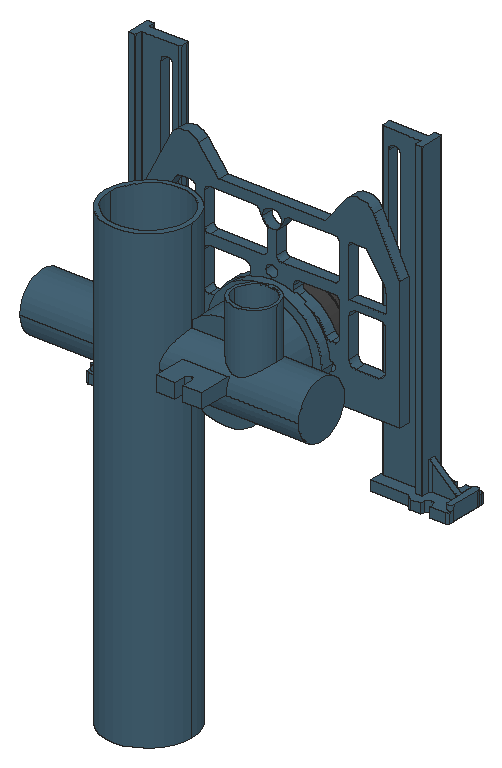
Revit family "Fixture_Support-Water_Closet_Offset_Vertical_Narrow_Wall-Zurn-ZN1209", category Plumbing Fixtures, Revit 2022 (continued)
Automatic sketch dimensions
  Extrusion 11 sketch curve to plane 133 "Offset L plane" = 0.000"
  plane 59 to Extrusion 11 sketch curve = 0.000"
  Extrusion 11 sketch curve to plane 45 "Horizontal Mid Plane" = 0.000"  (x2)
  plane 100 to Extrusion 11 sketch curve = 0.000"
  Extrusion 11 sketch curve to plane 3 "Center (Left/Right)" = 0.000"
  Extrusion 11 sketch curve to plane 61 = 0.000"
  Extrusion 11 sketch curve to plane 60 = 0.000"
  Extrusion 11 sketch curve to plane 126 "Offset R Plane" = 0.000"
  Extrusion 11 sketch curve to plane 133 "Offset L plane" = 0.00815"
  Extrusion 11 sketch curve to Extrusion 11 sketch curve = 0.21393"  (x2)
  Extrusion 11 sketch curve to plane 79 = 0.09928"  (x3)
  Extrusion 11 sketch curve to plane 38 = 0.15364"
  Extrusion 11 sketch curve to plane 38 = 0.12358"
  plane 38 to Extrusion 11 sketch curve = 0.1875"
  plane 38 to Extrusion 11 sketch curve = 0.23912"
  Extrusion 11 sketch curve to plane 128 "New Plane 2" = 0.05609"
  plane 41 to Extrusion 11 sketch curve = 0.31947"
  plane 41 to Extrusion 11 sketch curve = 0.35183"
  Extrusion 11 sketch curve to plane 37 = 0.20275"  (x2)
  plane 41 to Extrusion 11 sketch curve = 0.47394"
  Extrusion 11 sketch curve to Extrusion 11 sketch curve = 0.22317"
  Extrusion 11 sketch curve to Extrusion 11 sketch curve = 0.32788"
  Extrusion 11 sketch curve to Extrusion 11 sketch curve = 0.22606"
  Extrusion 11 sketch curve to Extrusion 11 sketch curve = 0.20795"  (x2)
  Extrusion 11 sketch curve to Extrusion 11 sketch curve = 0.250"  (x3)
  Extrusion 11 sketch curve to plane 75 = 0.05506"  (x2)
  plane 59 to Extrusion 11 sketch curve = 0.250"
  plane 118 to Extrusion 11 sketch curve = 0.07124"
  plane 118 to Extrusion 11 sketch curve = 0.06674"
  plane 118 to Extrusion 11 sketch curve = 0.0625"
  Extrusion 11 sketch curve to plane 64 = 0.02186"
  Extrusion 11 sketch curve to plane 64 = 0.04728"
  Extrusion 11 sketch curve to plane 64 = 0.05506"
  plane 98 to Extrusion 11 sketch curve = 0.07027"
  plane 98 to Extrusion 11 sketch curve = 0.26118"
  plane 88 to Extrusion 11 sketch curve = 0.22766"  (x2)
  plane 98 to Extrusion 11 sketch curve = 0.47542"
  plane 71 to Extrusion 11 sketch curve = 0.13244"
  plane 58 to Extrusion 11 sketch curve = 0.00744"  (x2)
  Extrusion 11 sketch curve to plane 3 "Center (Left/Right)" = 0.37007"
  plane 3 "Center (Left/Right)" to Extrusion 11 sketch curve = 0.250"
  plane 3 "Center (Left/Right)" to Extrusion 11 sketch curve = 0.37007"
  Extrusion 11 sketch curve to plane 97 = 0.47542"
  Extrusion 11 sketch curve to plane 97 = 0.26118"
  Extrusion 11 sketch curve to plane 97 = 0.07027"
  Extrusion 11 sketch curve to plane 66 = 0.05506"
  Extrusion 11 sketch curve to plane 66 = 0.04728"
  Extrusion 11 sketch curve to plane 66 = 0.02186"
  plane 61 to Extrusion 11 sketch curve = 0.00424"
  plane 61 to Extrusion 11 sketch curve = 0.00874"
  plane 61 to Extrusion 11 sketch curve = 0.1875"  (x3)
  plane 126 "Offset R Plane" to Extrusion 11 sketch curve = 0.00815"
  Extrusion 11 sketch curve to plane 39 = 0.15364"
  Extrusion 11 sketch curve to plane 39 = 0.12358"
  plane 39 to Extrusion 11 sketch curve = 0.1875"
  plane 39 to Extrusion 11 sketch curve = 0.23912"
  Extrusion 11 sketch curve to plane 58 = 0.10661"
  Extrusion 11 sketch curve to Extrusion 11 sketch curve = 0.20479"
  Extrusion 11 sketch curve to plane 42 = 0.31947"
  Extrusion 11 sketch curve to plane 42 = 0.35183"
  Extrusion 11 sketch curve to plane 79 = 0.07726"  (x2)
  plane 77 to Extrusion 11 sketch curve = 0.16644"  (x2)
  Extrusion 11 sketch curve to Extrusion 11 sketch curve = 0.08468"  (x2)
  plane 95 "X Plane" to Extrusion 11 sketch curve = 0.38173"
  Extrusion 11 sketch curve to Extrusion 11 sketch curve = 1.03562"  (x2)
  Extrusion 11 sketch curve to Extrusion 11 sketch curve = 0.17437"  (x2)
  Extrusion 11 sketch curve to Extrusion 11 sketch curve = 0.20966"  (x2)
  Extrusion 11 sketch curve to Extrusion 11 sketch curve = 0.375"  (x2)
  Extrusion 11 sketch curve to plane 75 = 0.625"
  plane 71 to Extrusion 11 sketch curve = 0.20528"
  plane 37 to Extrusion 11 sketch curve = 0.17759"  (x2)
  Extrusion 11 sketch curve to Extrusion 11 sketch curve = 0.31937"  (x2)
  Extrusion 11 sketch curve to plane 66 = 0.23153"
  Extrusion 14 sketch curve to plane 3 "Center (Left/Right)" = 0.21046"
  curve 1 to plane 98 = 0.000"
  curve 1 to plane 97 = 0.000"
  plane 89 "N Plane for N42" to Masking region 2 sketch curve = 0.03125"
  plane 120 to Masking region 2 sketch curve = 0.28075"
  Masking region 1 sketch curve to plane 128 "New Plane 2" = 0.000"
  Masking region 1 sketch curve to plane 118 = 0.000"
  Masking region 1 sketch curve to plane 3 "Center (Left/Right)" = 0.000"
  plane 117 to Masking region 1 sketch curve = 0.09708"
  plane 114 to Masking region 1 sketch curve = 0.0441"
  Masking region 1 sketch curve to plane 3 "Center (Left/Right)" = 0.21046"
  plane 115 to Masking region 1 sketch curve = 0.03215"
  Masking region 1 sketch curve to plane 44 = 0.10176"
  Masking region 1 sketch curve to plane 74 = 0.27847"
  plane 39 to Masking region 1 sketch curve = 0.500"
  Masking region 1 sketch curve to plane 84 "N Plane for N32" = 0.18399"
  plane 84 "N Plane for N32" to Masking region 1 sketch curve = 0.21364"
  plane 89 "N Plane for N42" to Masking region 1 sketch curve = 0.03125"
  Masking region 1 sketch curve to plane 73 = 0.09259"  (x2)
  Masking region 3 sketch curve to plane 127 "New Plane 1" = 0.000"
  Masking region 3 sketch curve to plane 126 "Offset R Plane" = 0.000"
  plane 89 "N Plane for N42" to Masking region 3 sketch curve = 0.03144"
  Masking region 3 sketch curve to plane 42 = 0.46715"
  plane 120 to Masking region 3 sketch curve = 0.28075"
  curve 3 to plane 45 "Horizontal Mid Plane" = 0.000"
  curve 4 to plane 99 "MIDD" = 0.000"
  Masking region 1 sketch curve to plane 100 = 0.49815"
  Sweep 21 sketch curve to profile plane = 0.000"  (x2)
  plane 66 to curve 25 = 0.000"
  curve 22 to plane 86 "B & H Plane" = 0.000"
  curve 22 to plane 133 "Offset L plane" = 0.000"
  curve 21 to plane 72 = 0.000"
  curve 21 to plane 133 "Offset L plane" = 0.000"
  curve 22 to plane 72 = 0.000"
  curve 23 to plane 72 = 0.000"
  curve 25 to plane 45 "Horizontal Mid Plane" = 0.000"
  curve 25 to plane 71 = 0.000"
  curve 23 to plane 86 "B & H Plane" = 0.000"
  curve 21 to plane 86 "B & H Plane" = 0.000"
  Sweep 24 sketch curve to profile plane = 0.000"
  Extrusion 15 sketch curve to Extrusion 15 sketch curve = 0.000"
  Extrusion 19 sketch curve to Extrusion 19 sketch curve = 0.000"  (x2)
  plane 133 "Offset L plane" to Masking region 2 sketch curve = 0.00225"
  plane 41 to Masking region 2 sketch curve = 0.46793"
  Masking region 2 sketch curve to plane 93 = 0.01992"
  radius of Extrusion 10 sketch curve = 0.500"
  radius of Extrusion 11 sketch curve = 0.3125"  (x2)
  radius of Extrusion 11 sketch curve = 0.250"  (x2)
  radius of Extrusion 11 sketch curve = 2.750"
  radius of Extrusion 13 sketch curve = 3.000"
  radius of Extrusion 16 sketch curve = 1.46875"
  radius of Extrusion 17 sketch curve = 2.500"
  radius of Extrusion 20 sketch curve = 1.46875"
  radius of Sweep 21 sketch curve = 0.250"
  radius of Extrusion 22 sketch curve = 2.250"
  radius of Extrusion 23 sketch curve = 2.3125"
  radius of Sweep 24 sketch curve = 0.250"
Connectors (in)
  piping at (-4, -3.875, 11.3125), diameter 4, driven by "Outlet Pipe Radius (Nominal)", driven by "Waste Connection"
    settings: on Sweep 21, index 12, connector inside diameter 24", connector length 0.000", flow factor 0, pipe flow 0 GPM, pressure drop 0.00 psi, fitting loss kfactor 0, connector angle 0.00°, fixture units 0, engagement length 0.000", angle of deflection 0.00°, flow configuration 0, flow direction 1, fitting loss method 0, system type 16, joint type 0, gender type 0, connector reference index -1, connector utility 1, adjustable connector no, is connector primary yes, connector description "Sanitary Inlet"
  piping at (-4, -3.875, -12.6875), diameter 4, driven by "Outlet Pipe Radius (Nominal)", driven by "Waste Connection"
    settings: on Sweep 21, index 13, connector inside diameter 24", connector length 0.000", flow factor 0, pipe flow 0 GPM, pressure drop 0.00 psi, fitting loss kfactor 0, connector angle 0.00°, fixture units 0, engagement length 0.000", angle of deflection 0.00°, flow configuration 0, flow direction 2, fitting loss method 0, system type 16, joint type 0, gender type 0, connector reference index -1, connector utility 1, adjustable connector no, is connector primary no, connector description "Sanitary Outlet"
  piping at (1.5, -3.875, 9.0625), diameter 2, driven by "Vent Pipe Radius (Nominal)", driven by "Vent Connection"
    settings: on Sweep 24, index 14, connector inside diameter 24", connector length 0.000", flow factor 0, pipe flow 0 GPM, pressure drop 0.00 psi, fitting loss kfactor 0, connector angle 0.00°, fixture units 0, engagement length 0.000", angle of deflection 0.00°, flow configuration 0, flow direction 2, fitting loss method 0, system type 17, joint type 0, gender type 0, connector reference index -1, connector utility 0, adjustable connector no, is connector primary no, connector description "Vent Outlet"
  piping at (0, 1.5625, 5), diameter 3, driven by "Water Closet Inlet Radius", driven by "Waste Connection"
    settings: on Extrusion 23, index 15, connector inside diameter 24", connector length 0.000", flow factor 0, pipe flow 0 GPM, pressure drop 0.00 psi, fitting loss kfactor 0, connector angle 0.00°, fixture units 0, engagement length 0.000", angle of deflection 0.00°, flow configuration 0, flow direction 1, fitting loss method 0, system type 16, joint type 0, gender type 0, connector reference index -1, connector utility 1, adjustable connector no, is connector primary no, connector description "Water Closet Inlet"
Types (3): name | Vertical Offset Pipe_NR4 | Vertical Offset Pipe_NL4 | Vent_NR4 | Vent_NL4 | Rotational Vent Distance | Rotational Connector Distance | Model lines_NR4 | Model Lines_NL4 | Masking region_NR4 | Masking region_NL4 | Horizontal Pipe_NR4 | Horizontal Pipe_NL4
  (no name) | no | yes | no | yes | 3.000" | 0.000" | no | yes | no | yes | no | yes
  ZN1209-NL4 | no | yes | no | yes | 3.000" | 0.000" | no | yes | no | yes | no | yes
  ZN1209-NR4 | yes | no | yes | no | 0.000" | 8.000" | yes | no | yes | no | yes | no
